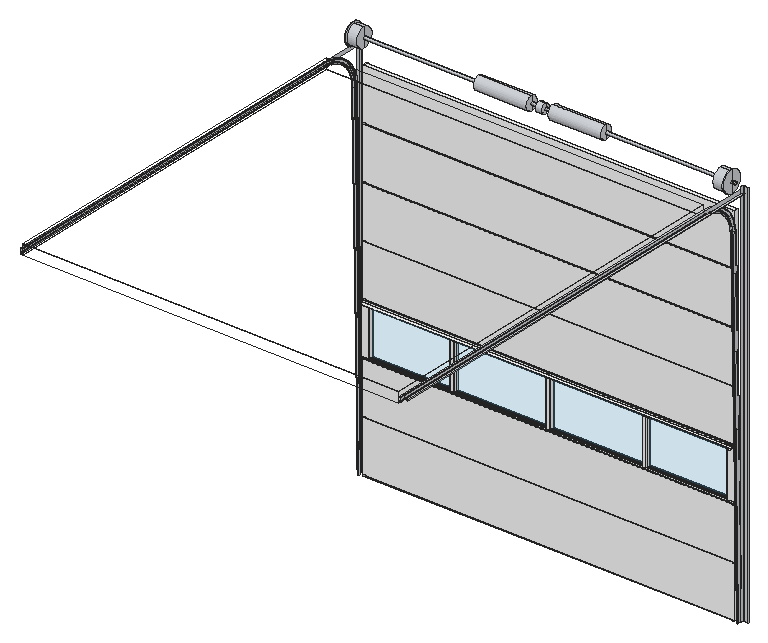
Revit family (continued)
Definition of nested family "3200 Section"
  Definition of nested family "3200 Window Array"
    Forms (in)
      Extrusion 2, solid, material "Glass"
        sketch origin (0, -1, 15.9844) x (0, 0, 1) y (-1, 0, 0)
          loop
            line (-6.58734, 17.93382) -> (-16.08734, 17.93382)
            arc (-16.08734, 17.93382) -> (-16.52928, 17.75077) -> (-16.71234, 17.30882) r 0.625
            line (-16.71234, 17.30882) -> (-16.71234, -18.19118)
            arc (-16.71234, -18.19118) -> (-16.52928, -18.63312) -> (-16.08734, -18.81618) r 0.625
            line (-16.08734, -18.81618) -> (-6.58734, -18.81618)
            arc (-6.58734, -18.81618) -> (-6.1454, -18.63312) -> (-5.96234, -18.19118) r 0.625
            line (-5.96234, -18.19118) -> (-5.96234, 17.30882)
        from 0 to 0.25
      Extrusion 3, solid, material "Tan" <- "Color"
        sketch origin (42.61408, 0, 0) x (1, 0, 0) y (0, 0, 1)
          loop
            line (-15.92291, -0.72794) -> (19.57709, -0.72794)
            arc (19.57709, -0.72794) -> (20.01904, -0.54488) -> (20.20209, -0.10294) r 0.625
            line (20.20209, -0.10294) -> (20.20209, 9.39706)
            arc (20.20209, 9.39706) -> (20.01904, 9.839) -> (19.57709, 10.02206) r 0.625
            line (19.57709, 10.02206) -> (-15.92291, 10.02206)
            arc (-15.92291, 10.02206) -> (-16.36485, 9.839) -> (-16.54791, 9.39706) r 0.625
            line (-16.54791, 9.39706) -> (-16.54791, -0.10294)
            arc (-16.54791, -0.10294) -> (-16.36485, -0.54488) -> (-15.92291, -0.72794) r 0.625
          loop
            line (-17.54791, -2.35294) -> (21.20209, -2.35294)
            arc (21.20209, -2.35294) -> (21.64404, -2.16988) -> (21.82709, -1.72794) r 0.625
            line (21.82709, -1.72794) -> (21.82709, 11.02206)
            arc (21.82709, 11.02206) -> (21.64404, 11.464) -> (21.20209, 11.64706) r 0.625
            line (21.20209, 11.64706) -> (-17.54791, 11.64706)
            arc (-17.54791, 11.64706) -> (-17.98985, 11.464) -> (-18.17291, 11.02206) r 0.625
            line (-18.17291, 11.02206) -> (-18.17291, -1.72794)
            arc (-18.17291, -1.72794) -> (-17.98985, -2.16988) -> (-17.54791, -2.35294) r 0.625
        from 0 to 2.25
      Extrusion 4, solid, material "Glass"
        sketch origin (44, -1, 15.9844) x (0, 0, 1) y (-1, 0, 0)
          loop
            arc (-5.96234, 17.30882) -> (-6.1454, 17.75077) -> (-6.58734, 17.93382) r 0.625
            line (-6.58734, 17.93382) -> (-16.08734, 17.93382)
            arc (-16.08734, 17.93382) -> (-16.52928, 17.75077) -> (-16.71234, 17.30882) r 0.625
            line (-16.71234, 17.30882) -> (-16.71234, -18.19118)
            arc (-16.71234, -18.19118) -> (-16.52928, -18.63312) -> (-16.08734, -18.81618) r 0.625
            line (-16.08734, -18.81618) -> (-6.58734, -18.81618)
            arc (-6.58734, -18.81618) -> (-6.1454, -18.63312) -> (-5.96234, -18.19118) r 0.625
            line (-5.96234, -18.19118) -> (-5.96234, 17.30882)
        from 0 to 0.25
      Extrusion 5, solid, material "Tan" <- "Color"
        sketch origin (86.61408, 0, 0) x (1, 0, 0) y (0, 0, 1)
          loop
            line (-15.92291, -0.72794) -> (19.57709, -0.72794)
            arc (19.57709, -0.72794) -> (20.01904, -0.54488) -> (20.20209, -0.10294) r 0.625
            line (20.20209, -0.10294) -> (20.20209, 9.39706)
            arc (20.20209, 9.39706) -> (20.01904, 9.839) -> (19.57709, 10.02206) r 0.625
            line (19.57709, 10.02206) -> (-15.92291, 10.02206)
            arc (-15.92291, 10.02206) -> (-16.36485, 9.839) -> (-16.54791, 9.39706) r 0.625
            line (-16.54791, 9.39706) -> (-16.54791, -0.10294)
            arc (-16.54791, -0.10294) -> (-16.36485, -0.54488) -> (-15.92291, -0.72794) r 0.625
          loop
            line (-17.54791, -2.35294) -> (21.20209, -2.35294)
            arc (21.20209, -2.35294) -> (21.64404, -2.16988) -> (21.82709, -1.72794) r 0.625
            line (21.82709, -1.72794) -> (21.82709, 11.02206)
            arc (21.82709, 11.02206) -> (21.64404, 11.464) -> (21.20209, 11.64706) r 0.625
            line (21.20209, 11.64706) -> (-17.54791, 11.64706)
            arc (-17.54791, 11.64706) -> (-17.98985, 11.464) -> (-18.17291, 11.02206) r 0.625
            line (-18.17291, 11.02206) -> (-18.17291, -1.72794)
            arc (-18.17291, -1.72794) -> (-17.98985, -2.16988) -> (-17.54791, -2.35294) r 0.625
        from 0 to 2.25
      Extrusion 6, solid, material "Glass"
        sketch origin (88, -1, 15.9844) x (0, 0, 1) y (-1, 0, 0)
          loop
            arc (-5.96234, 17.30882) -> (-6.1454, 17.75077) -> (-6.58734, 17.93382) r 0.625
            line (-6.58734, 17.93382) -> (-16.08734, 17.93382)
            arc (-16.08734, 17.93382) -> (-16.52928, 17.75077) -> (-16.71234, 17.30882) r 0.625
            line (-16.71234, 17.30882) -> (-16.71234, -18.19118)
            arc (-16.71234, -18.19118) -> (-16.52928, -18.63312) -> (-16.08734, -18.81618) r 0.625
            line (-16.08734, -18.81618) -> (-6.58734, -18.81618)
            arc (-6.58734, -18.81618) -> (-6.1454, -18.63312) -> (-5.96234, -18.19118) r 0.625
            line (-5.96234, -18.19118) -> (-5.96234, 17.30882)
        from 0 to 0.25
      Extrusion 7, solid, material "Tan" <- "Color"
        sketch origin (130.61408, 0, 0) x (1, 0, 0) y (0, 0, 1)
          loop
            line (-15.92291, -0.72794) -> (19.57709, -0.72794)
            arc (19.57709, -0.72794) -> (20.01904, -0.54488) -> (20.20209, -0.10294) r 0.625
            line (20.20209, -0.10294) -> (20.20209, 9.39706)
            arc (20.20209, 9.39706) -> (20.01904, 9.839) -> (19.57709, 10.02206) r 0.625
            line (19.57709, 10.02206) -> (-15.92291, 10.02206)
            arc (-15.92291, 10.02206) -> (-16.36485, 9.839) -> (-16.54791, 9.39706) r 0.625
            line (-16.54791, 9.39706) -> (-16.54791, -0.10294)
            arc (-16.54791, -0.10294) -> (-16.36485, -0.54488) -> (-15.92291, -0.72794) r 0.625
          loop
            line (-17.54791, -2.35294) -> (21.20209, -2.35294)
            arc (21.20209, -2.35294) -> (21.64404, -2.16988) -> (21.82709, -1.72794) r 0.625
            line (21.82709, -1.72794) -> (21.82709, 11.02206)
            arc (21.82709, 11.02206) -> (21.64404, 11.464) -> (21.20209, 11.64706) r 0.625
            line (21.20209, 11.64706) -> (-17.54791, 11.64706)
            arc (-17.54791, 11.64706) -> (-17.98985, 11.464) -> (-18.17291, 11.02206) r 0.625
            line (-18.17291, 11.02206) -> (-18.17291, -1.72794)
            arc (-18.17291, -1.72794) -> (-17.98985, -2.16988) -> (-17.54791, -2.35294) r 0.625
        from 0 to 2.25
      Extrusion 8, solid, material "Glass"
        sketch origin (132, -1, 15.9844) x (0, 0, 1) y (-1, 0, 0)
          loop
            arc (-5.96234, 17.30882) -> (-6.1454, 17.75077) -> (-6.58734, 17.93382) r 0.625
            line (-6.58734, 17.93382) -> (-16.08734, 17.93382)
            arc (-16.08734, 17.93382) -> (-16.52928, 17.75077) -> (-16.71234, 17.30882) r 0.625
            line (-16.71234, 17.30882) -> (-16.71234, -18.19118)
            arc (-16.71234, -18.19118) -> (-16.52928, -18.63312) -> (-16.08734, -18.81618) r 0.625
            line (-16.08734, -18.81618) -> (-6.58734, -18.81618)
            arc (-6.58734, -18.81618) -> (-6.1454, -18.63312) -> (-5.96234, -18.19118) r 0.625
            line (-5.96234, -18.19118) -> (-5.96234, 17.30882)
        from 0 to 0.25
    Dimensions and locks (in)
      locked: Extrusion 1 sketch curve to Extrusion 1 sketch curve at 1.625  (x4)
      "Frame Height": Extrusion 1 sketch curve to Extrusion 1 sketch curve
      "Frame Width": Extrusion 1 sketch curve to Extrusion 1 sketch curve
      Extrusion 1 to plane 4 = 0' - 1"
      Extrusion 1 to plane 3 "Center (Left/Right)" = 1' - 7.55882"
      locked: Extrusion 3 sketch curve to Extrusion 3 sketch curve at 1.625  (x4)
      "Frame Height": Extrusion 3 sketch curve to Extrusion 3 sketch curve
      "Frame Width": Extrusion 3 sketch curve to Extrusion 3 sketch curve
      equal spacing: group 1, group 2, group 3, group 4  (x3)
      locked: Extrusion 5 sketch curve to Extrusion 5 sketch curve at 1.625  (x4)
      "Frame Height": Extrusion 5 sketch curve to Extrusion 5 sketch curve
      "Frame Width": Extrusion 5 sketch curve to Extrusion 5 sketch curve
      "Window Spacing": Extrusion 1 to Extrusion 3
      locked: Extrusion 7 sketch curve to Extrusion 7 sketch curve at 1.625  (x4)
      "Frame Height": Extrusion 7 sketch curve to Extrusion 7 sketch curve
      "Frame Width": Extrusion 7 sketch curve to Extrusion 7 sketch curve
      radius of Extrusion 1 sketch curve = 0' - 0 5/8"  (x8)
      radius of Extrusion 3 sketch curve = 0' - 0 5/8"  (x8)
      radius of Extrusion 5 sketch curve = 0' - 0 5/8"  (x8)
      radius of Extrusion 7 sketch curve = 0' - 0 5/8"  (x8)
      aligned and locked: plane 2 to level
      aligned and locked: Extrusion 2 sketch curve to Extrusion 1  (x4)
      aligned and locked: Extrusion 4 sketch curve to Extrusion 3  (x4)
      aligned and locked: Extrusion 6 sketch curve to Extrusion 5  (x4)
      aligned and locked: Extrusion 8 sketch curve to Extrusion 7  (x4)
  Definition of nested family "3200 Window"
    Parameters (values of type "24x8")
      Window Spacing = 3' - 8"
      Frame Width = 2' - 1"
      Frame Height = 0' - 9"
      Color = White
      Assembly Code = ""
    Types (4): name | Frame Width | Frame Height | Color
      24x8 | 2' - 1" | 0' - 9" | White
      28x14 | 2' - 4" | 1' - 2" | Tan
      40x14 | 3' - 4" | 1' - 2" | White
      24x12 | 2' - 1" | 1' - 1" | Tan
    Reference planes (in)
      plane 1 "Center (Front/Back)": y = 0
      plane 2: z = 0
      plane 3 "Center (Left/Right)": x = 0
      plane 4: y = -1
    Forms (in)
      Extrusion 1, solid, material "White" <- "Color"
        sketch origin (42.61408, 0, 0) x (1, 0, 0) y (0, 0, 1)
          loop
            line (-15.92291, 4.27206) -> (4.57709, 4.27206)
            arc (4.57709, 4.27206) -> (5.01904, 4.45512) -> (5.20209, 4.89706) r 0.625
            line (5.20209, 4.89706) -> (5.20209, 9.39706)
            arc (5.20209, 9.39706) -> (5.01904, 9.839) -> (4.57709, 10.02206) r 0.625
            line (4.57709, 10.02206) -> (-15.92291, 10.02206)
            arc (-15.92291, 10.02206) -> (-16.36485, 9.839) -> (-16.54791, 9.39706) r 0.625
            line (-16.54791, 9.39706) -> (-16.54791, 4.89706)
            arc (-16.54791, 4.89706) -> (-16.36485, 4.45512) -> (-15.92291, 4.27206) r 0.625
          loop
            line (-17.54791, 2.64706) -> (6.20209, 2.64706)
            arc (6.20209, 2.64706) -> (6.64404, 2.83012) -> (6.82709, 3.27206) r 0.625
            line (6.82709, 3.27206) -> (6.82709, 11.02206)
            arc (6.82709, 11.02206) -> (6.64404, 11.464) -> (6.20209, 11.64706) r 0.625
            line (6.20209, 11.64706) -> (-17.54791, 11.64706)
            arc (-17.54791, 11.64706) -> (-17.98985, 11.464) -> (-18.17291, 11.02206) r 0.625
            line (-18.17291, 11.02206) -> (-18.17291, 3.27206)
            arc (-18.17291, 3.27206) -> (-17.98985, 2.83012) -> (-17.54791, 2.64706) r 0.625
        from 0 to 2.25
      Extrusion 2, solid, material "Glass"
        sketch origin (44, -1, 15.9844) x (0, 0, 1) y (-1, 0, 0)
          loop
            arc (-5.96234, 17.30882) -> (-6.1454, 17.75077) -> (-6.58734, 17.93382) r 0.625
            line (-6.58734, 17.93382) -> (-11.08734, 17.93382)
            arc (-11.08734, 17.93382) -> (-11.52928, 17.75077) -> (-11.71234, 17.30882) r 0.625
            line (-11.71234, 17.30882) -> (-11.71234, -3.19118)
            arc (-11.71234, -3.19118) -> (-11.52928, -3.63312) -> (-11.08734, -3.81618) r 0.625
            line (-11.08734, -3.81618) -> (-6.58734, -3.81618)
            arc (-6.58734, -3.81618) -> (-6.1454, -3.63312) -> (-5.96234, -3.19118) r 0.625
            line (-5.96234, -3.19118) -> (-5.96234, 17.30882)
        from 0 to 0.25
    Dimensions and locks (in)
      locked: Extrusion 1 sketch curve to Extrusion 1 sketch curve at 1.625  (x4)
      "Frame Height": Extrusion 1 sketch curve to Extrusion 1 sketch curve
      "Frame Width": Extrusion 1 sketch curve to Extrusion 1 sketch curve
      radius of Extrusion 1 sketch curve = 0' - 0 5/8"  (x8)
      aligned and locked: plane 2 to level
      aligned and locked: Extrusion 2 sketch curve to Extrusion 1  (x4)
    Automatic sketch dimensions
      level to Extrusion 1 sketch curve = 0' - 11.02206"
      plane 3 "Center (Left/Right)" to Extrusion 1 sketch curve = 2' - 0.44118"
Definition of nested family "Full Vision Section"
  Parameters (values of type "Intermediate")
    Top Rail Face = if(Section Type = 3, 0' 3", 0' 0 27/32")  # 0' - 0 27/32"
    Stile Height = if(or(Section Type = 1, Section Type = 3), Section Height - 0' 3 27/32", Section Height - 0' 0 27/32" * 2)  # 1' - 10 5/16"
    SingleStileVis = and(NumIntStiles < 2, NumIntStiles > 0)  # yes
    Section Type = 2
    Section Height = 2' - 0"
    Rail Width = Door Width - 0' 0 3/16"  # 8' - 1 13/16"
    Panel Material = Glass
    NumIntStiles = if(Door Width < 4' 9", 0, if(Door Width < 9' 3", 1, if(Door Width < 13' 3", 2, if(Door Width < 16' 3", 3, if(Door Width < 20' 3", 4, 5)))))  # 1
    IntStileCtrCtr = 3' - 8"
    Half Rail Width = Rail Width / 2  # 4' - 0 29/32"
    Half Door Width = Door Width / 2  # 4' - 1"
    Glass Width = Rail Width - 0' 1"  # 8' - 0 13/16"
    Function = (empty or 0)
    Height = 0' - 0"
    Wall Closure = (empty or 0)
    Width = 0' - 0"
    Frame Material = White
    Fin Visibility = or(Section Type = 1, Section Type = 2)  # yes
    End Stile Face = if(Double End Stiles, 0' 6", 0' 3")  # 0' - 3"
    Edge to 1st Int Stile = (Door Width - (NumIntStiles - 1) * 3' 8") / 2  # 4' - 1"
    Double End Stiles = no
    Door Width = 8' - 2"
    Bottom Rail Face = if(Section Type = 1, 0' 3", 0' 0 27/32")  # 0' - 0 27/32"
    Assembly Code = ""
    ArrayStileVis = NumIntStiles > 1  # no
    ArrayIntStiles = if(NumIntStiles < 2, 2, NumIntStiles)  # 2
  Reference planes (in)
    plane 1 "Center (Front/Back)": y = 0
    plane 2 "Center (Left/Right)": x = 0
    plane 3 "Exterior": y = 3
    plane 4 "Interior": y = -3
    plane 5: y = -3.5
    plane 6: x = 49
    plane 7: x = 48.90625
    plane 8: x = -48.90625
    plane 9: x = -49
    plane 10: x = 0
    plane 11: x = 0
  Forms (in)
    Extrusion 1, solid, material "White" <- "Frame Material"
      sketch origin (-48.90625, -12, 83.08252) x (0, 0, 1) y (0, -1, 0)
        loop
          arc (-83.08252, -8.37483) -> (-83.04586, -8.46334) -> (-82.95735, -8.5) r 0.12517
          line (-82.95735, -8.5) -> (-82.23877, -8.5) -> (-82.23877, -8.37402) -> (-82.1155, -8.37402) -> (-81.7405, -7.99902) -> (-81.7405, -7.81152) -> (-82.23877, -7.81152) -> (-82.23877, -7.56152) -> (-81.7405, -7.56152) -> (-81.7405, -6.56152) -> (-82.23877, -6.56152) -> (-82.23877, -6.37582) -> (-82.95588, -6.37582)
          arc (-82.95588, -6.37582) -> (-83.04543, -6.41291) -> (-83.08252, -6.50246) r 0.12664
          line (-83.08252, -6.50246) -> (-83.08252, -8.37483)
      from 0 to 97.8125 <- "Rail Width"
    Extrusion 2, solid, material "White" <- "Frame Material"
      sketch origin (-48.90625, -12, 83.08252) x (0, 0, 1) y (0, -1, 0)
        loop
          line (-59.08252, -8.37573) -> (-59.08252, -6.50025)
          arc (-59.08252, -6.50025) -> (-59.11897, -6.41226) -> (-59.20696, -6.37582) r 0.12444
          line (-59.20696, -6.37582) -> (-59.92627, -6.37582) -> (-59.92627, -6.56152) -> (-60.42627, -6.56152) -> (-60.42627, -7.56152) -> (-59.92627, -7.56152) -> (-59.92627, -7.81152) -> (-60.42627, -7.81152) -> (-60.42627, -7.99854) -> (-60.05079, -8.37402) -> (-59.92627, -8.37402) -> (-59.92627, -8.5) -> (-59.20679, -8.5)
          arc (-59.20679, -8.5) -> (-59.11892, -8.4636) -> (-59.08252, -8.37573) r 0.12427
      from 0 to 97.8125 <- "Rail Width"
    Extrusion 3, solid, material "Glass" <- "Panel Material"
      sketch origin (-48.90625, -12, 83.08252) x (0, 0, 1) y (0, -1, 0)
        loop
          line (-59.92627, -7.81152) -> (-59.92627, -7.56152) -> (-82.23877, -7.56152) -> (-82.23877, -7.81152) -> (-59.92627, -7.81152)
      from 1 to 96.8125 <- "Glass Width"
    Extrusion 4, solid, material "White" <- "Frame Material"
      sketch origin (-48.90625, -5.43848, 23.15625) x (-1, 0, 0) y (0, 1, 0)
        loop
          line (0.09375, 1.93848) -> (-2.90625, 1.93848) -> (-2.90625, 1.8125) -> (-3.02952, 1.8125) -> (-3.40452, 1.4375) -> (-3.40452, 1.25) -> (-2.90625, 1.25) -> (-2.90625, 1) -> (-3.40452, 1) -> (-3.40452, 0) -> (-2.90625, 0) -> (-2.90625, -0.18571) -> (0.09375, -0.18571) -> (0.09375, 1.93848)
      from 0 to 22.3125 <- "Stile Height"
    Extrusion 5, solid, material "White" <- "Frame Material"
      sketch origin (-48.90625, -3.5, 23.15625) x (-1, 0, 0) y (0, 1, 0)
        loop
          line (-97.90625, 0) -> (-97.90625, -2.12418) -> (-94.90625, -2.12418) -> (-94.90625, -1.93848) -> (-94.40798, -1.93848) -> (-94.40798, -0.93848) -> (-94.90625, -0.93848) -> (-94.90625, -0.68848) -> (-94.40798, -0.68848) -> (-94.40798, -0.50098) -> (-94.78298, -0.12598) -> (-94.90625, -0.12598) -> (-94.90625, 0) -> (-97.90625, 0)
      from 0 to 22.3125 <- "Stile Height"
    Extrusion 6, solid, material "White" <- "Frame Material", visible <- "Fin Visibility"
      sketch origin (-48.90625, -12, 83.08252) x (0, 0, 1) y (0, -1, 0)
        loop
          line (-59.92627, -6.37582) -> (-59.8329, -6.37582) -> (-59.8329, -4.5475)
          arc (-59.8329, -4.5475) -> (-59.87958, -4.50082) -> (-59.92627, -4.5475) r 0.04669
          line (-59.92627, -4.5475) -> (-59.92627, -6.37582)
      from 0 to 97.8125 <- "Rail Width"
  Text (in)
    text "Exterior" at (-74.96733, 27.31104, 0), in view "Ref. Level"
    text "Interior" at (-74.96733, -25.14366, 0), in view "Ref. Level"
    text "Exterior" at (0, 40.15149, 123.01588), in view "Right"
    text "Interior" at (0, -64.39139, 123.01588), in view "Right"
    text "Interior" at (0, -31.01599, 123.00693), in view "Left"
    text "Exterior" at (0, 54.57065, 123.00693), in view "Left"
  Dimensions and locks (in)
    plane 4 "Interior" to plane 5 = 0' - 0 1/2"
    locked: Extrusion 1 sketch curve to Extrusion 1 sketch curve at 0.12598
    locked: Extrusion 1 sketch curve to Extrusion 1 sketch curve at 0.25
    locked: Extrusion 1 sketch curve to Extrusion 1 sketch curve at 1
    locked: Extrusion 1 sketch curve to Extrusion 1 sketch curve at 0.12327
    locked: Extrusion 1 sketch curve to Extrusion 1 sketch curve at 0.49827
    locked: Extrusion 1 sketch curve to Extrusion 1 sketch curve at 0.5625
    locked: Extrusion 1 sketch curve to Extrusion 1 sketch curve at 2.12418
    "Bottom Rail Face": Extrusion 1 sketch curve to Extrusion 1 sketch curve
    "Top Rail Face": Extrusion 2 sketch curve to Extrusion 2 sketch curve
    locked: Extrusion 2 sketch curve to Extrusion 2 sketch curve at 0.12452
    locked: Extrusion 2 sketch curve to Extrusion 2 sketch curve at 0.5
    locked: Extrusion 4 sketch curve to Extrusion 4 sketch curve at 2.12418
    "End Stile Face": Extrusion 4 sketch curve to Extrusion 4 sketch curve
    locked: Extrusion 4 sketch curve to Extrusion 4 sketch curve at 0.12598
    locked: Extrusion 4 sketch curve to Extrusion 4 sketch curve at 0.49827
    locked: Extrusion 4 sketch curve to Extrusion 4 sketch curve at 0.12327
    Extrusion 4 sketch curve to Extrusion 4 sketch curve to Extrusion 4 sketch curve = 0' - 0 9/16" locked, 0' - 0 1/4" locked
    locked: Extrusion 4 sketch curve to Extrusion 4 sketch curve at 1
    locked: Extrusion 4 sketch curve to Extrusion 4 sketch curve at 0.375
    locked: Extrusion 5 sketch curve to Extrusion 5 sketch curve at 0.12598
    locked: Extrusion 5 sketch curve to Extrusion 5 sketch curve at 0.25
    locked: Extrusion 5 sketch curve to Extrusion 5 sketch curve at 1
    locked: Extrusion 5 sketch curve to Extrusion 5 sketch curve at 0.12327
    locked: Extrusion 5 sketch curve to Extrusion 5 sketch curve at 0.49827
    locked: Extrusion 5 sketch curve to Extrusion 5 sketch curve at 0.5625
    locked: Extrusion 5 sketch curve to Extrusion 5 sketch curve at 2.12418
    "End Stile Face": Extrusion 5 sketch curve to Extrusion 5 sketch curve
    locked: Extrusion 5 sketch curve to Extrusion 5 sketch curve at 0.375
    locked: Extrusion 6 sketch curve to Extrusion 6 sketch curve at 0.09338
    locked: Extrusion 2 to Extrusion 6 sketch curve at 1.875
    "Edge to 1st Int Stile": plane 10 to plane 9
    "Edge to 1st Int Stile": plane 6 to plane 11
    "Half Door Width": plane 2 "Center (Left/Right)" to plane 9
    "Half Door Width": plane 6 to plane 2 "Center (Left/Right)"
    "Half Rail Width": plane 2 "Center (Left/Right)" to plane 8
    "Half Rail Width": plane 7 to plane 2 "Center (Left/Right)"
    locked: Extrusion 3 sketch curve to Extrusion 3 sketch curve at 0.25
    radius of Extrusion 2 sketch curve = 0' - 0.12427"
    radius of Extrusion 2 sketch curve = 0' - 0.12444"
    radius of Extrusion 1 sketch curve = 0' - 0.12517"
    radius of Extrusion 1 sketch curve = 0' - 0.12664"
    aligned and locked: Extrusion 1 sketch curve to Extrusion 1 sketch curve  (x3)
    aligned and locked: Extrusion 2 sketch curve to Extrusion 1  (x3)
    aligned and locked: Extrusion 1 to Extrusion 2 sketch curve  (x3)
    aligned and locked: Extrusion 2 sketch curve to Extrusion 2 sketch curve  (x3)
    aligned: Extrusion 3 sketch curve to Extrusion 2
    aligned: Extrusion 3 sketch curve to Extrusion 1
    aligned and locked: Extrusion 3 sketch curve to Extrusion 1
    aligned and locked: Extrusion 4 sketch curve to Extrusion 4 sketch curve  (x3)
    aligned and locked: Extrusion 4 sketch curve to Extrusion 2
    aligned and locked: Extrusion 5 sketch curve to Extrusion 5 sketch curve  (x3)
    aligned and locked: Extrusion 5 sketch curve to Extrusion 2
    aligned and locked: nested 1 to Extrusion 2  (x2)
    aligned and locked: Extrusion 4 to Extrusion 3
    aligned and locked: Extrusion 1 to Extrusion 4
    aligned and locked: Extrusion 6 sketch curve to Extrusion 4
    aligned and locked: Extrusion 6 sketch curve to Extrusion 2
    aligned and locked: plane 2 "Center (Left/Right)" to nested 1
    aligned and locked: nested 1 to plane 5
    aligned and locked: Extrusion 5 sketch curve to plane 6
    aligned and locked: Extrusion 4 sketch curve to plane 9
    aligned and locked: plane 11 to nested 2
    aligned and locked: Extrusion 4 to nested 2
    aligned and locked: nested 2 to Extrusion 1
    aligned and locked: Extrusion 3 sketch curve to Extrusion 4  (x2)
  Automatic sketch dimensions
    Extrusion 1 sketch curve to level = 0' - 0"
    Extrusion 1 sketch curve to plane 5 = 0' - 0"
    Extrusion 1 sketch curve to Extrusion 1 sketch curve = 0' - 0 3/16"
    Extrusion 2 sketch curve to plane 5 = 0' - 0.50146"
    level to Extrusion 2 sketch curve = 1' - 10 21/32"
    Extrusion 2 sketch curve to Extrusion 2 sketch curve = 0' - 0 1/2"
  Nested families (in)
    nested 1: "Int Stile for Single" at (0, -3.5, 0.84375), visible <- "SingleStileVis", type "Single"
      with Stile Height 1' - 10 5/16"
    nested 2: "902 Int Stile Array" at (0, -3.5, 0.84375), visible <- "ArrayStileVis", type "Array"
      with NumIntStiles 2
  Definition of nested family "Int Stile for Single"
    Parameters (values of type "Single")
      Stile Height = 1' - 8 5/32"
      Frame Material = none
      Assembly Code = ""
    Reference planes (in)
      plane 1 "Center (Front/Back)": y = 0
      plane 2: z = 0
      plane 3 "Center (Left/Right)": x = 0
      plane 4: z = 20.15625
    Forms (in)
      Extrusion 1, solid, material <- "Frame Material"
        sketch origin (0, 0, 0) x (1, 0, 0) y (0, 1, 0)
          loop
            line (-0.65625, 0) -> (-0.65625, -0.125) -> (-0.78125, -0.125) -> (-1.15625, -0.5) -> (-1.15625, -0.63751) -> (-0.65625, -0.63751) -> (-0.65625, -0.88751) -> (-1.15625, -0.88751) -> (-1.15625, -1.88751) -> (-0.65625, -1.88751) -> (-0.65625, -2.125) -> (0.65625, -2.125) -> (0.65625, -1.88751) -> (1.15625, -1.88751) -> (1.15625, -0.88751) -> (0.65625, -0.88751) -> (0.65625, -0.63751) -> (1.15625, -0.63751) -> (1.15625, -0.5) -> (0.78125, -0.125) -> (0.65625, -0.125) -> (0.65625, 0) -> (-0.65625, 0)
        from 0 to 20.15625 <- "Stile Height"
    Dimensions and locks (in)
      "Stile Height": level to plane 4
      locked: Extrusion 1 sketch curve to Extrusion 1 sketch curve at 1.3125
      locked: Extrusion 1 sketch curve to Extrusion 1 sketch curve at 0.5  (x2)
      locked: Extrusion 1 sketch curve to plane 3 "Center (Left/Right)" at 1.15625
      locked: Extrusion 1 sketch curve to Extrusion 1 sketch curve at 2.125
      locked: Extrusion 1 sketch curve to Extrusion 1 sketch curve at 0.25
      locked: Extrusion 1 sketch curve to Extrusion 1 sketch curve at 1
      locked: Extrusion 1 sketch curve to Extrusion 1 sketch curve at 0.375  (x4)
      locked: Extrusion 1 sketch curve to Extrusion 1 sketch curve at 0.125  (x3)
      aligned and locked: plane 2 to level
      aligned and locked: Extrusion 1 sketch curve to Extrusion 1 sketch curve  (x8)
    Automatic sketch dimensions
      plane 1 "Center (Front/Back)" to Extrusion 1 sketch curve = 0' - 0"
      Extrusion 1 sketch curve to Extrusion 1 sketch curve = 0' - 0.23749"
  Definition of nested family "902 Int Stile Array"
    Parameters (values of type "Array")
      Stile Height = 1' - 10 5/16"
      NumIntStiles = 4
      IntStileCtrCtr = 3' - 8"
      Frame Material = none
      Assembly Code = ""
    Reference planes (in)
      plane 1 "Center (Front/Back)": y = 0
      plane 2: z = 0
      plane 3 "Center (Left/Right)": x = 0
      plane 4: z = 22.3125
      plane 5: x = 1.15625
      plane 6: x = -42.84375
    Forms (in)
      Extrusion 1, solid, material <- "Frame Material"
        sketch origin (0, 0, 0) x (1, 0, 0) y (0, 1, 0)
          loop
            line (-0.65625, 0) -> (-0.65625, -0.125) -> (-0.78125, -0.125) -> (-1.15625, -0.5) -> (-1.15625, -0.63751) -> (-0.65625, -0.63751) -> (-0.65625, -0.88751) -> (-1.15625, -0.88751) -> (-1.15625, -1.88751) -> (-0.65625, -1.88751) -> (-0.65625, -2.125) -> (0.65625, -2.125) -> (0.65625, -1.88751) -> (1.15625, -1.88751) -> (1.15625, -0.88751) -> (0.65625, -0.88751) -> (0.65625, -0.63751) -> (1.15625, -0.63751) -> (1.15625, -0.5) -> (0.78125, -0.125) -> (0.65625, -0.125) -> (0.65625, 0) -> (-0.65625, 0)
        from 0 to 22.3125 <- "Stile Height"
      Extrusion 2, solid, material <- "Frame Material"
        sketch origin (-44, 0, 0) x (1, 0, 0) y (0, 1, 0)
          loop
            line (-0.65625, 0) -> (-0.65625, -0.125) -> (-0.78125, -0.125) -> (-1.15625, -0.5) -> (-1.15625, -0.63751) -> (-0.65625, -0.63751) -> (-0.65625, -0.88751) -> (-1.15625, -0.88751) -> (-1.15625, -1.88751) -> (-0.65625, -1.88751) -> (-0.65625, -2.125) -> (0.65625, -2.125) -> (0.65625, -1.88751) -> (1.15625, -1.88751) -> (1.15625, -0.88751) -> (0.65625, -0.88751) -> (0.65625, -0.63751) -> (1.15625, -0.63751) -> (1.15625, -0.5) -> (0.78125, -0.125) -> (0.65625, -0.125) -> (0.65625, 0) -> (-0.65625, 0)
        from 0 to 22.3125 <- "Stile Height"
      Extrusion 3, solid, material <- "Frame Material"
        sketch origin (-88, 0, 0) x (1, 0, 0) y (0, 1, 0)
          loop
            line (-0.65625, 0) -> (-0.65625, -0.125) -> (-0.78125, -0.125) -> (-1.15625, -0.5) -> (-1.15625, -0.63751) -> (-0.65625, -0.63751) -> (-0.65625, -0.88751) -> (-1.15625, -0.88751) -> (-1.15625, -1.88751) -> (-0.65625, -1.88751) -> (-0.65625, -2.125) -> (0.65625, -2.125) -> (0.65625, -1.88751) -> (1.15625, -1.88751) -> (1.15625, -0.88751) -> (0.65625, -0.88751) -> (0.65625, -0.63751) -> (1.15625, -0.63751) -> (1.15625, -0.5) -> (0.78125, -0.125) -> (0.65625, -0.125) -> (0.65625, 0) -> (-0.65625, 0)
        from 0 to 22.3125 <- "Stile Height"
      Extrusion 4, solid, material <- "Frame Material"
        sketch origin (-132, 0, 0) x (1, 0, 0) y (0, 1, 0)
          loop
            line (-0.65625, 0) -> (-0.65625, -0.125) -> (-0.78125, -0.125) -> (-1.15625, -0.5) -> (-1.15625, -0.63751) -> (-0.65625, -0.63751) -> (-0.65625, -0.88751) -> (-1.15625, -0.88751) -> (-1.15625, -1.88751) -> (-0.65625, -1.88751) -> (-0.65625, -2.125) -> (0.65625, -2.125) -> (0.65625, -1.88751) -> (1.15625, -1.88751) -> (1.15625, -0.88751) -> (0.65625, -0.88751) -> (0.65625, -0.63751) -> (1.15625, -0.63751) -> (1.15625, -0.5) -> (0.78125, -0.125) -> (0.65625, -0.125) -> (0.65625, 0) -> (-0.65625, 0)
        from 0 to 22.3125 <- "Stile Height"
    Dimensions and locks (in)
      "Stile Height": level to plane 4
      locked: Extrusion 1 sketch curve to Extrusion 1 sketch curve at 1.3125
      locked: Extrusion 1 sketch curve to Extrusion 1 sketch curve at 0.5  (x2)
      locked: Extrusion 1 sketch curve to Extrusion 1 sketch curve at 2.125
      locked: Extrusion 1 sketch curve to Extrusion 1 sketch curve at 0.25
      locked: Extrusion 1 sketch curve to Extrusion 1 sketch curve at 1
      locked: Extrusion 1 sketch curve to Extrusion 1 sketch curve at 0.375  (x4)
      locked: Extrusion 1 sketch curve to Extrusion 1 sketch curve at 0.125  (x3)
      locked: Extrusion 2 sketch curve to Extrusion 2 sketch curve at 1.3125
      locked: Extrusion 2 sketch curve to Extrusion 2 sketch curve at 0.5  (x2)
      locked: Extrusion 2 sketch curve to Extrusion 2 sketch curve at 2.125
      locked: Extrusion 2 sketch curve to Extrusion 2 sketch curve at 0.25
      locked: Extrusion 2 sketch curve to Extrusion 2 sketch curve at 1
      locked: Extrusion 2 sketch curve to Extrusion 2 sketch curve at 0.375  (x4)
      locked: Extrusion 2 sketch curve to Extrusion 2 sketch curve at 0.125  (x3)
      equal spacing: group 4, group 3, group 2, group 1
      equal spacing: group 1, group 2, group 3, group 4  (x2)
      "IntStileCtrCtr": plane 5 to plane 6
      locked: Extrusion 3 sketch curve to Extrusion 3 sketch curve at 1.3125
      locked: Extrusion 3 sketch curve to Extrusion 3 sketch curve at 0.5  (x2)
      locked: Extrusion 3 sketch curve to Extrusion 3 sketch curve at 2.125
      locked: Extrusion 3 sketch curve to Extrusion 3 sketch curve at 0.25
      locked: Extrusion 3 sketch curve to Extrusion 3 sketch curve at 1
      locked: Extrusion 3 sketch curve to Extrusion 3 sketch curve at 0.375  (x4)
      locked: Extrusion 3 sketch curve to Extrusion 3 sketch curve at 0.125  (x3)
      locked: Extrusion 4 sketch curve to Extrusion 4 sketch curve at 1.3125
      locked: Extrusion 4 sketch curve to Extrusion 4 sketch curve at 0.5  (x2)
      locked: Extrusion 4 sketch curve to Extrusion 4 sketch curve at 2.125
      locked: Extrusion 4 sketch curve to Extrusion 4 sketch curve at 0.25
      locked: Extrusion 4 sketch curve to Extrusion 4 sketch curve at 1
      locked: Extrusion 4 sketch curve to Extrusion 4 sketch curve at 0.375  (x4)
      locked: Extrusion 4 sketch curve to Extrusion 4 sketch curve at 0.125  (x3)
      aligned and locked: plane 2 to level
      aligned and locked: Extrusion 1 sketch curve to Extrusion 1 sketch curve  (x8)
      aligned and locked: Extrusion 2 sketch curve to Extrusion 2 sketch curve  (x8)
      aligned and locked: plane 5 to Extrusion 1
      aligned and locked: plane 6 to Extrusion 2
      aligned and locked: Extrusion 3 sketch curve to Extrusion 3 sketch curve  (x8)
      aligned and locked: Extrusion 4 sketch curve to Extrusion 4 sketch curve  (x8)
    Automatic sketch dimensions
      Extrusion 1 sketch curve to Extrusion 1 sketch curve = 0' - 0.23749"
      Extrusion 2 sketch curve to Extrusion 2 sketch curve = 0' - 0.23749"
      Extrusion 3 sketch curve to Extrusion 3 sketch curve = 0' - 0.23749"
      Extrusion 4 sketch curve to Extrusion 4 sketch curve = 0' - 0.23749"
